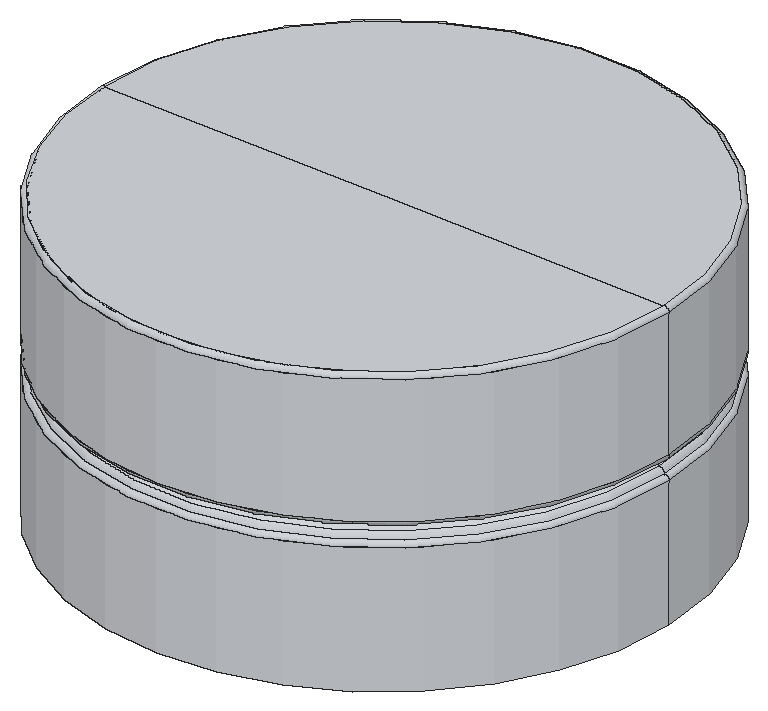
Revit family "Faucet-Handle-KOHLER-COMPONENTS-K-77963BR_1", category Plumbing Fixtures, host Face, Revit 2017
Family settings
  Host = Face
  Round Connector Dimension = Use Diameter
  Part Type = Normal
  OmniClass Number = 23.31.11.00
  OmniClass Title = Faucets
  Cut with Voids When Loaded = No
  Shared = No
  Room Calculation Point = No
Parameters (values of type "CP-Polished Chrome")
  Width = 2 3/8"  # constant formula
  WaterSense Certified = 1 = 0  # no
  Waste Water Outlet = "Waste Water Outlet"  # constant formula
  Waste Connection = 1 = 0  # no
  Vent Connection = 1 = 0  # no
  URL = "https://br.kohler.com/"
  Type = 1
  Product Page URL = "https://br.kohler.com/product-detail/77963br-8a?skuid=K-77963BR-8A-CP"
  Product Name = "COMPONENTS"  # constant formula
  Product Documentation Link = ""
  Pressure = 14.00 psi  # constant formula
  Model = if(Type = 1, "K-77963BR-8A-CP", if(Type = 2, "K-77963BR-8A-BN", if(Type = 3, "K-77963BR-8A-RGD", if(Type = 4, "K-77963BR-8A-BL", "NA"))))  # "K-77963BR-8A-CP"
  Material = "Premium Metal Construction"  # constant formula
  Master Format 2014 Name = "Residential Faucets, Supplies, and Trim"  # constant formula
  Master Format 2014 = "22 41 39"  # constant formula
  Manufacturer Address = "Rio de Janeiro MULTIREPAROS RUA BATISTA DA COSTA, Nº 352 | STORE B Rio de Janeiro SÃO GONÇALO 24450-470"  # constant formula
  Manufacturer = "KOHLER Co."  # constant formula
  Length = 2 3/8"  # constant formula
  Hot Water Inlet = "Hot Water Inlet"  # constant formula
  Height = 1 7/32"  # constant formula
  HW Connection = 1 = 1  # yes
  Flow Rate = 0.79 GPM  # constant formula
  Finish = Kohler-Metal-CP-Polished_Chrome
  Environmental Product Declaration = ""
  Drain Included = 1 = 0  # no
  Description = "Drive for single lever Lav Rocker mixer"  # constant formula
  Default Elevation = 36"
  Declare Label = ""
  Date Modified = "09/13/2021"  # constant formula
  Date Created = "09/13/2021"  # constant formula
  Copyright = "Copyright KOHLER Co."  # constant formula
  Contact Us = "https://br.kohler.com/asr-listing"
  Cold Water Inlet = "Cold Water Inlet"  # constant formula
  CW Connection = 1 = 1  # yes
  Assembly Code = "D2010"
  ADA Compliant = 1 = 0  # no
Types (5): name | Type | Product Page URL | Model | Finish
  (no name) | 1 | "https://br.kohler.com/product-detail/77963br-8a?skuid=K-77963BR-8A-CP" | "K-77963BR-8A-CP" | Kohler-Metal-CP-Polished_Chrome
  CP-Polished Chrome | 1 | "https://br.kohler.com/product-detail/77963br-8a?skuid=K-77963BR-8A-CP" | "K-77963BR-8A-CP" | Kohler-Metal-CP-Polished_Chrome
  BN-Vibrant Brushed Nickel | 2 | "https://br.kohler.com/product-detail/77963br-8a?skuid=K-77963BR-8A-BN" | "K-77963BR-8A-BN" | Kohler-Metal-BN-Vibrant_Brushed_Nickel
  RGD-Polished Rose Gold | 3 | "https://br.kohler.com/product-detail/77963br-8a?skuid=K-77963BR-8A-RGD" | "K-77963BR-8A-RGD" | Kohler-Metal-RGD-Polished_Rose_Gold
  BL-Matte Black | 4 | "https://br.kohler.com/product-detail/77963br-8a?skuid=K-77963BR-8A-BL" | "K-77963BR-8A-BL" | Kohler-Metal-BL-Matte_Black
Reference planes (in)
  plane 1 "Center (Front/Back)": y = 0
  plane 2: z = 0
  plane 3 "Center (Left/Right)": x = 0
  plane 4: y = 1.1875
  plane 5: y = -1.1875
  plane 6: x = -1.1875
  plane 7: x = 1.1875
  plane 8: x = -0.69254
  plane 9: x = 0.69254
  plane 10: z = 1.21875
Dimensions and locks (in)
  "Height": plane 10 to plane 2
  "Width": plane 6 to plane 7
  "Length": plane 4 to plane 5
  aligned and locked: plane 2 to host face
  aligned and locked: level to host face
Automatic sketch dimensions
  host sketch curve to host sketch curve = 96"  (x2)
Nested families (in)
  nested 1: "K-77963BR" at (0, 0, 0), type "K-77963BR"
Connectors (in)
  piping at (-0.69254, 0, 0), diameter 0.5, driven by "HW Connection", driven by "Hot Water Inlet", driven by "Flow Rate", driven by "Pressure"
    settings: on nested 1, index 1, connector inside diameter 24", connector length 0", flow factor 0, pipe flow 0.79 GPM, pressure drop 14.00 psi, fitting loss kfactor 0, connector angle 0.00°, fixture units 0, engagement length 0", angle of deflection 0.00°, flow configuration 1, flow direction 1, fitting loss method 4, system type 19, joint type 0, gender type 0, connector reference index -1, connector utility 1, adjustable connector no, is connector primary yes, connector description "Hot Water Inlet"
  piping at (0.69254, 0, 0), diameter 0.5, driven by "CW Connection", driven by "Cold Water Inlet", driven by "Flow Rate", driven by "Pressure"
    settings: on nested 1, index 2, connector inside diameter 24", connector length 0", flow factor 0, pipe flow 0.79 GPM, pressure drop 14.00 psi, fitting loss kfactor 0, connector angle 0.00°, fixture units 0, engagement length 0", angle of deflection 0.00°, flow configuration 1, flow direction 1, fitting loss method 4, system type 20, joint type 0, gender type 0, connector reference index -1, connector utility 1, adjustable connector no, is connector primary no, connector description "Cold Water Inlet"
Definition of nested family "K-77963BR"
  Parameters (values of type "77963W")
    Faucet Handle Material = none
  Reference planes (in)
    plane 1 "Center (Front/Back)": y = 0
    plane 2: z = 0
    plane 3 "Center (Left/Right)": x = 0
    plane 4: y = 1.1875
    plane 5: y = -1.1875
    plane 6: x = 1.1875
    plane 7: x = -1.1875
    plane 8: z = 1.22047
    plane 9: x = -0.69254
    plane 10: x = 0.69254
  Forms (in)
    Revolve 1, solid, material <- "Faucet Handle Material", detail levels medium+fine
      sketch origin (0, 0, 0) x (1, 0, 0) y (0, 0, 1)
        loop
          line (0, 0) -> (1.1875, 0) -> (1.1875, 0.53852)
          arc (1.1875, 0.53852) -> (1.1817, 0.55253) -> (1.16769, 0.55833) r 0.01981
          arc (1.16769, 0.55833) -> (1.16101, 0.57218) -> (1.15024, 0.58316) r 0.04744
          line (1.15024, 0.58316) -> (1.10518, 0.6162) -> (1.16756, 0.6162)
          arc (1.16756, 0.6162) -> (1.18166, 0.62204) -> (1.1875, 0.63614) r 0.01994
          line (1.1875, 0.63614) -> (1.1875, 1.16785)
          arc (1.1875, 1.16785) -> (1.18174, 1.18174) -> (1.16785, 1.1875) r 0.01965
          line (1.16785, 1.1875) -> (0, 1.1875) -> (0, 0)
        axis (0, 1.1875) -> (0, 0)
      angle from 0 to 360
    Revolve 2, solid, material <- "Faucet Handle Material", detail levels coarse
      sketch origin (0, 0, 0) x (1, 0, 0) y (0, 0, 1)
        loop
          line (0, 1.1875) -> (0, 0) -> (1.18727, 0) -> (1.18727, 1.1875) -> (0, 1.1875)
        axis (0, 1.1875) -> (0, 0)
      angle from 0 to 360
    Extrusion 3, solid, material <- "Faucet Handle Material", detail levels medium+fine
      sketch origin (0, 0, 0) x (1, 0, 0) y (0, 1, 0)
        loop
          circle (-0.69254, 0) r 0.14942
        loop
          circle (0.69254, 0) r 0.14942
      from 0 to 0.11786
  Lines and regions (in)
    Masking region 1
      outline origin (0, 0, 0) x (1, 0, 0) y (0, 1, 0)
        loop
          circle (0, 0) r 1.1875
    Masking region 2
      outline origin (0, 0, 0) x (0, 1, 0) y (0, 0, 1)
        loop
          line (1.1676, 1.22047) -> (-1.1676, 1.22047)
          arc (-1.1676, 1.22047) -> (-1.18167, 1.21464) -> (-1.1875, 1.20057) r 0.0199
          line (-1.1875, 1.20057) -> (-1.1875, 0.63588)
          arc (-1.1875, 0.63588) -> (-1.18176, 0.62202) -> (-1.16789, 0.61627) r 0.01961
          line (-1.16789, 0.61627) -> (-1.10502, 0.61627) -> (-1.14684, 0.58564)
          arc (-1.14684, 0.58564) -> (-1.15911, 0.57351) -> (-1.16732, 0.55833) r 0.05862
          arc (-1.16732, 0.55833) -> (-1.18154, 0.55244) -> (-1.18743, 0.53822) r 0.02011
          line (-1.18743, 0.53822) -> (-1.18743, 0) -> (1.18743, 0) -> (1.18743, 0.53822)
          arc (1.18743, 0.53822) -> (1.18154, 0.55244) -> (1.16732, 0.55833) r 0.02011
          arc (1.16732, 0.55833) -> (1.15911, 0.57351) -> (1.14684, 0.58564) r 0.05862
          line (1.14684, 0.58564) -> (1.10502, 0.61627) -> (1.16789, 0.61627)
          arc (1.16789, 0.61627) -> (1.18176, 0.62202) -> (1.1875, 0.63588) r 0.01961
          line (1.1875, 0.63588) -> (1.1875, 1.20057)
          arc (1.1875, 1.20057) -> (1.18167, 1.21464) -> (1.1676, 1.22047) r 0.0199
    Masking region 3
      outline origin (0, 0, 0) x (1, 0, 0) y (0, 0, 1)
        loop
          arc (-1.16773, 1.22047) -> (-1.18171, 1.21468) -> (-1.1875, 1.2007) r 0.01977
          line (-1.1875, 1.2007) -> (-1.1875, 0.63634)
          arc (-1.1875, 0.63634) -> (-1.1816, 0.6221) -> (-1.16737, 0.6162) r 0.02013
          line (-1.16737, 0.6162) -> (-1.10518, 0.6162) -> (-1.15022, 0.58317)
          arc (-1.15022, 0.58317) -> (-1.161, 0.57218) -> (-1.16769, 0.55832) r 0.04752
          arc (-1.16769, 0.55832) -> (-1.18172, 0.55227) -> (-1.1875, 0.53813) r 0.0202
          line (-1.1875, 0.53813) -> (-1.1875, 0) -> (1.1875, 0) -> (1.1875, 0.53813)
          arc (1.1875, 0.53813) -> (1.18172, 0.55227) -> (1.16769, 0.55832) r 0.0202
          arc (1.16769, 0.55832) -> (1.161, 0.57218) -> (1.15022, 0.58317) r 0.04752
          line (1.15022, 0.58317) -> (1.10518, 0.6162) -> (1.16737, 0.6162)
          arc (1.16737, 0.6162) -> (1.1816, 0.6221) -> (1.1875, 0.63634) r 0.02013
          line (1.1875, 0.63634) -> (1.1875, 1.2007)
          arc (1.1875, 1.2007) -> (1.18171, 1.21468) -> (1.16773, 1.22047) r 0.01977
          line (1.16773, 1.22047) -> (-1.16773, 1.22047)
    symbolic lines, detail levels medium+fine
      curve 1: line (0, 1.16732, 0.55833) -> (0, -1.16732, 0.55833)
      curve 2: line (-1.16727, 0, 0.6162) -> (1.11447, 0, 0.6162)
      curve 3: line (-1.16746, 0, 0.55833) -> (1.16769, 0, 0.55833)
      curve 4: line (0, 1.10502, 0.61627) -> (0, -1.10502, 0.61627)
  Dimensions and locks (in)
    locked: plane 5 to plane 4 at 2.375
    locked: plane 7 to plane 6 at 2.375
    plane 8 to level = 1.22047"
    aligned and locked: plane 2 to level
